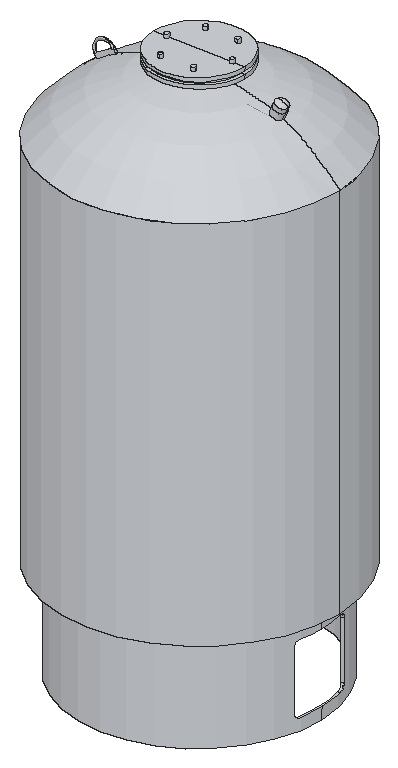
Revit family "FXA-2000", category Mechanical Equipment, Revit 2014
Parameters (values of type "FXA-2000")
  VoidLength = 7 1/2"
  URL = "http://westank.com/"
  TankVolume = "528 Gallons"
  SystemConnectionAngle = 50.00°
  PartNumber = "21012000"
  OuterRadius = 15"
  Model = "FXA-2000"
  MaximumOperatingTemperature = "240°F"
  MaximumOperatingPressure = "125 PSIG"
  Manufacturer = "Wessels Company"
  InnerRadius = 14.766"
  InnerCircleDiameter = E - 3" / 4  # 41 1/4"
  HandleAngle = 120.00°
  G = 8 3/4"
  E = 42"
  F = 9"
  DrainAngle = 63.00°
  C = 3"
  BottomOfTheCylinder = 6.11811"
  B = 96.00032"
  ApproximateShipmentWeight = "1305 lbs"
  Angle = 35.00°
  A = 48"
Reference planes (in)
  plane 1 "Center (Front/Back)": y = 0
  plane 2: z = 0
  plane 3 "Center (Left/Right)": x = 0
  plane 4: x = -24
  plane 5: y = 1.9685
  plane 6: y = -1.9685
  plane 7: z = 96.00032
  plane 8: x = 24
  plane 9: y = 0.15626
  plane 10: y = -0.15626
  plane 11: x = 18
  plane 12: x = -21
  plane 13: x = 21
  plane 14: y = 0
  plane 15: y = 8.22887
  plane 16: y = -8.22887
  plane 17: through (0.00466, -180, 75.19677) normal (-0.9999, 0, -0.0139)
  plane 18: x = 9
  plane 19: x = 7.5
  plane 20: x = 10.5
  plane 21: z = 92.36787
  plane 22: through (3.3286, -180, 8.83933) normal (-0.1726, 0, 0.985)
  plane 23: through (2.86228, -180, 11.50012) normal (-0.1726, 0, 0.985)
  plane 24: z = 8.75
  plane 25: z = 79.58887
  plane 26: z = 78.58887
Forms (in)
  Revolve 1, solid
    sketch origin (0, 0, -5.12538) x (1, 0, 0) y (0, 0, 1)
      loop
        arc (0, 97.51641) -> (-13.25826, 95.38698) -> (-24, 87.32901) r 27.99706
        line (-24, 87.32901) -> (-24, 22.49872)
        arc (-24, 22.49872) -> (-12.32539, 18.43585) -> (0, 17.49344) r 47.93669
        line (0, 17.49344) -> (0, 97.51641)
      axis (0, 97.51641) -> (0, 17.49344)
    angle from 0 to 360
  Extrusion 2, solid
    sketch origin (0, 0, 0) x (1, 0, 0) y (0, 1, 0)
      loop
        circle (0, 0) r 21
      loop
        circle (0, 0) r 20.625
    from 19.49834 to 0
  Revolve 3, solid
    sketch origin (9.73484, 0, 75.3214) x (0.390731, 0, 0.920505) y (-0.920505, 0, 0.390731)
      loop
        line (14.82991, 2.5007) -> (14.82991, 1.4123) -> (16.33631, 1.4123) -> (16.33631, 1.44527) -> (17.14445, 1.44527)
        arc (17.14445, 1.44527) -> (17.48969, 1.91665) -> (17.5066, 2.5007) r 0.9835
        line (17.5066, 2.5007) -> (14.82991, 2.5007)
      axis (14.82991, 2.5007) -> (17.5066, 2.5007)
    angle from 0 to 360
  Sweep 4, solid
    path origin (-6.47932, 0, 74.78221) x (-0.505922, 0, 0.862579) y (-0.862579, 0, -0.505922)
      loop
        arc (17.74812, 2.65283) -> (19.49812, 0.90283) -> (17.74812, -0.84717) r 1.75
    profile origin (-17.1226, 0, 91.14413) x (-0.505922, 0, 0.862579) y (0, -1, 0)
      loop
        circle (0, 0) r 0.15625
  Extrusion 5, solid
    sketch origin (-4.01295, 0, 70.57714) x (-0.505922, 0, 0.862579) y (-0.862579, 0, -0.505922)
      loop
        line (22.62312, 2.80843) -> (21.64614, 2.80843) -> (21.64614, -1.00668) -> (22.62312, -1.00668) -> (22.62312, 2.80843)
    from 0.15626 to -0.15626
  Sweep 6, solid
    path origin (-12.625, 0, 55.33927) x (-1, 0, 0) y (0, 0, -1)
      loop
        arc (12.10198, 2.25) -> (13.85198, 0.5) -> (12.10198, -1.25) r 1.75
    profile origin (-26.47698, 0, 54.83927) x (-1, 0, 0) y (0, -1, 0)
      loop
        circle (0, 0) r 0.15625
  Extrusion 7, solid
    sketch origin (-7.75, 0, 55.33927) x (-1, 0, 0) y (0, 0, -1)
      loop
        line (16.97698, 2.40561) -> (16, 2.40561) -> (16, -1.4095) -> (16.97698, -1.4095) -> (16.97698, 2.40561)
    from 0.15626 to -0.15626
  Revolve 8, solid
    sketch origin (0.22045, 0, 73.50107) x (0, 0, 1) y (-1, 0, 0)
      loop
        line (22.03391, 0.22045) -> (18.29375, 0.22045) -> (18.29375, -4.6341)
        arc (18.29375, -4.6341) -> (19.278, -4.40868) -> (20.26226, -4.6341) r 2.26145
        line (20.26226, -4.6341) -> (20.26226, -7.60972) -> (20.85281, -7.60972) -> (20.85281, -6.99344) -> (21.44336, -6.99344) -> (21.44336, -7.60972) -> (22.03391, -7.60972) -> (22.03391, 0.22045)
      axis (22.03391, 0.22045) -> (18.29375, 0.22045)
    angle from 0 to 360
  Revolve 9, solid
    sketch origin (0.93854, 0, 22.27473) x (0.172627, 0, -0.984987) y (0.984987, 0, 0.172627)
      loop
        line (13.18144, 5.76928) -> (9.44128, 5.76928) -> (9.44128, 2.63548)
        arc (9.44128, 2.63548) -> (10.42553, 2.86091) -> (11.40978, 2.63548) r 2.26145
        line (11.40978, 2.63548) -> (11.40978, 0.03486) -> (12.00033, 0.03486) -> (12.00033, 0.65115) -> (12.59089, 0.65115) -> (12.59089, 0.03486) -> (13.18144, 0.03486) -> (13.18144, 5.76928)
      axis (9.44128, 5.76928) -> (13.18144, 5.76928)
    angle from 0 to 360
  Extrusion 10, solid
    sketch origin (7.89187, -2.56268, 10.23894) x (-0.984979, 0, -0.172675) y (-0.000004, 1, 0.000023)
      loop
        circle (-3.74768, 6.40672) r 0.3937
    from 0.59055 to -2.11745
  Extrusion 11, solid
    sketch origin (9.7889, -2.64003, 10.57118) x (-0.747584, -0.651106, -0.131069) y (-0.641335, 0.758987, -0.112375)
      loop
        circle (-3.74768, 6.40672) r 0.3937
    from 0.59055 to -2.11248
  Extrusion 12, solid
    sketch origin (11.27836, -1.44481, 10.83203) x (-0.149831, -0.988362, -0.026308) y (-0.973528, 0.152123, -0.170595)
      loop
        circle (-3.74768, 6.40672) r 0.3937
    from 0.59055 to -2.10562
  Extrusion 13, solid
    sketch origin (11.64303, 0.44684, 10.89537) x (0.520149, -0.849202, 0.091112) y (-0.836457, -0.528068, -0.146572)
      loop
        circle (-3.74768, 6.40672) r 0.3937
    from 0.59055 to -2.11832
  Extrusion 14, solid
    sketch origin (10.70595, 2.1231, 10.73114) x (0.939407, -0.300705, 0.16459) y (-0.296195, -0.953717, -0.051887)
      loop
        circle (-3.74768, 6.40672) r 0.3937
    from 0.59055 to -2.10775
  Extrusion 15, solid
    sketch origin (8.91968, 2.77597, 10.41801) x (0.905852, 0.392739, 0.158709) y (0.386839, -0.91965, 0.067821)
      loop
        circle (-3.74768, 6.40672) r 0.3937
    from 0.59055 to -2.10608
  Extrusion 16, solid
    sketch origin (7.14519, 2.09076, 10.10699) x (0.435656, 0.896873, 0.076304) y (0.883404, -0.442288, 0.154848)
      loop
        circle (-3.74768, 6.40672) r 0.3937
    from 0.59055 to -2.11652
  Extrusion 17, solid
    sketch origin (6.23683, 0.39774, 9.94923) x (-0.244533, 0.968691, -0.042905) y (0.954145, 0.248268, 0.167246)
      loop
        circle (-3.74768, 6.40672) r 0.3937
    from 0.59055 to -2.10776
  Extrusion 18, solid
    sketch origin (6.63409, -1.48699, 10.0187) x (-0.806847, 0.573576, -0.141456) y (0.564961, 0.819153, 0.099038)
      loop
        circle (-3.74768, 6.40672) r 0.3937
    from 0.59055 to -2.10712
  Extrusion 19, solid
    sketch origin (7.85796, 0, -9.14698) x (0, 1, 0) y (1, 0, 0)
      loop
        circle (0, 1.14174) r 1.5
    from -20.98349 to -17.89698
  Extrusion 20, void
    sketch origin (0, -0.25, 0) x (0, 1, 0) y (0, 0, 1)
      loop
        arc (-4.15626, 14) -> (-4.63889, 13.73263) -> (-4.90626, 13.25) r 1
        line (-4.90626, 13.25) -> (-4.90626, 2.91491)
        arc (-4.90626, 2.91491) -> (-4.66396, 2.27523) -> (-4.06716, 1.94094) r 1
        line (-4.06716, 1.94094) -> (4.81753, 1.94094)
        arc (4.81753, 1.94094) -> (5.52464, 2.23384) -> (5.81753, 2.94094) r 1
        line (5.81753, 2.94094) -> (5.81753, 13)
        arc (5.81753, 13) -> (5.52464, 13.70711) -> (4.81753, 14) r 1
        line (4.81753, 14) -> (-4.15626, 14)
    from 25.46527 to 16.16015
  Extrusion 21, solid
    sketch origin (0.89774, 1.57065, 95.40976) x (-0.5, 0.866025, 0.000001) y (-0.866025, -0.5, 0.000001)
      loop
        circle (-3.74768, 6.40672) r 0.3937
    from 0.59055 to -2.3622
  Extrusion 22, solid
    sketch origin (1.80946, 0.0085, 95.40973) x (0.499999, 0.866026, -0.000007) y (-0.866026, 0.499999, 0.000001)
      loop
        circle (-3.74768, 6.40672) r 0.3937
    from 0.59055 to -2.3622
  Extrusion 23, solid
    sketch origin (0.91215, -1.56633, 95.40923) x (1, 0.000002, -0.000001) y (-0.000002, 1, 0.000038)
      loop
        circle (-3.74768, 6.40672) r 0.3937
    from 0.59055 to -2.3622
  Extrusion 24, solid
    sketch origin (-0.94949, -1.57065, 95.40878) x (0.500003, -0.866024, 0.000358) y (0.866023, 0.500003, 0.00062)
      loop
        circle (-3.74768, 6.40672) r 0.3937
    from 0.59055 to -2.3622
  Extrusion 25, solid
    sketch origin (-1.80798, -0.00595, 95.40984) x (-0.499996, -0.866028, 0.000024) y (0.866028, -0.499996, 0.000001)
      loop
        circle (-3.74768, 6.40672) r 0.3937
    from 0.59055 to -2.3622
  Extrusion 26, solid
    sketch origin (-0.90736, 1.56423, 95.4094) x (-1, -0.000006, 0.000017) y (0.000006, -1, 0.000016)
      loop
        circle (-3.74768, 6.40672) r 0.3937
    from 0.59055 to -2.3622
  Extrusion 27, solid
    sketch origin (0.89847, 1.57065, 95.40945) x (-0.500006, 0.866022, 0.000001) y (-0.866022, -0.500006, 0.000001)
      loop
        circle (-3.74768, 6.40672) r 0.3937
    from 0.59055 to -2.3622
  Extrusion 28, solid
    sketch origin (0, 0, 6.75) x (0, 1, 0) y (0, 0, 1)
      loop
        circle (0, 72.33887) r 0.5
    from -23.66872 to -25.20532
Cuts and joins
  Extrusion 20 cuts Extrusion 2
  joined: Revolve 1, Revolve 3, Extrusion 5, Revolve 8
Dimensions and locks (in)
  equal spacing: plane 5, plane 1 "Center (Front/Back)", plane 6
  "B": plane 7 to level
  equal spacing: plane 8, plane 3 "Center (Left/Right)", plane 4
  "A": plane 8 to plane 4
  plane 9 to plane 10 = 0.31252"
  equal spacing: plane 13, plane 3 "Center (Left/Right)", plane 12
  "E": plane 13 to plane 12
  locked: Revolve 3 sketch curve to Revolve 3 sketch curve at 0.03297
  equal spacing: plane 15, plane 14, plane 16
  locked: Revolve 8 sketch curve to Revolve 8 sketch curve at 0.59055  (x3)
  locked: Revolve 8 sketch curve to Revolve 8 sketch curve at 1.9685
  locked: Revolve 9 sketch curve to Revolve 9 sketch curve at 0.59055  (x3)
  locked: Revolve 9 sketch curve to Revolve 9 sketch curve at 1.9685
  locked: Extrusion 19 sketch curve to plane 1 "Center (Front/Back)" at 0
  "F": plane 18 to plane 3 "Center (Left/Right)"
  equal spacing: plane 20, plane 18, plane 19
  "C": plane 20 to plane 19
  locked: Extrusion 19 sketch curve to plane 18 at 0.0003
  plane 7 to plane 21 = 3.63245"
  plane 24 to cut or joined group of Extrusion 2, Extrusion 20 = 8 3/4"
  "G": level to plane 24
  plane 25 to plane 26 = 1"
  "C": diameter of Extrusion 19 sketch curve
  "E": diameter of Extrusion 2 sketch curve
  "InnerCircleDiameter": diameter of Extrusion 2 sketch curve
  aligned and locked: level to plane 2
  aligned and locked: plane 4 to Revolve 1 sketch curve
  aligned and locked: Revolve 3 sketch curve to Revolve 3 sketch curve
  aligned and locked: Extrusion 5 sketch curve to Sweep 4
  aligned and locked: Extrusion 5 to plane 10
  aligned and locked: plane 9 to Extrusion 5
  aligned and locked: Extrusion 7 sketch curve to Sweep 6
  aligned and locked: Revolve 8 sketch curve to Revolve 8 sketch curve
  aligned and locked: Revolve 9 sketch curve to Revolve 9 sketch curve
  aligned and locked: Revolve 8 sketch curve to plane 3 "Center (Left/Right)"
  aligned and locked: Extrusion 21 to plane 7
  aligned and locked: Extrusion 22 to plane 7
  aligned and locked: Extrusion 25 to plane 7
  aligned and locked: cut or joined group of Extrusion 2, Extrusion 20 to level
  aligned and locked: Extrusion 19 to plane 24
Automatic sketch dimensions
  Revolve 1 sketch curve to plane 3 "Center (Left/Right)" = 0"  (x2)
  Revolve 1 sketch curve to plane 3 "Center (Left/Right)" = 2.5386"
  Revolve 1 sketch curve to plane 3 "Center (Left/Right)" = 2.31893"
  plane 24 to Revolve 1 sketch curve = 3.61806"
  level to Revolve 1 sketch curve = 17.37334"
  Revolve 1 sketch curve to Revolve 1 sketch curve = 4.25268"
  Revolve 1 sketch curve to Revolve 1 sketch curve = 11.96462"
  Extrusion 2 sketch curve to Extrusion 2 sketch curve = 0"  (x2)
  plane 1 "Center (Front/Back)" to Extrusion 2 sketch curve = 0"
  Extrusion 2 sketch curve to plane 3 "Center (Left/Right)" = 0"
  Sweep 6 sketch curve to plane 4 = 0.72698"
  plane 26 to Sweep 6 sketch curve = 23.7496"
  Sweep 6 sketch curve to Sweep 6 sketch curve = 1 3/4"
  Sweep 6 sketch curve to profile plane = 0"
  profile plane to Sweep 6 sketch curve = 0"
  plane 4 to Extrusion 7 sketch curve = 1/4"
  plane 26 to Extrusion 7 sketch curve = 21.8401"
  Extrusion 7 sketch curve to Extrusion 7 sketch curve = 3.81511"
  Revolve 8 sketch curve to plane 3 "Center (Left/Right)" = 0"
  Revolve 8 sketch curve to plane 7 = 4.2055"
  Revolve 8 sketch curve to plane 19 = 0.60942"
  Revolve 8 sketch curve to Revolve 8 sketch curve = 0.98425"
  Revolve 8 sketch curve to plane 19 = 0.28611"
  plane 19 to Revolve 8 sketch curve = 0.33017"
  Revolve 8 sketch curve to Revolve 8 sketch curve = 2.03603"
  Revolve 8 sketch curve to Revolve 8 sketch curve = 0"
  plane 7 to Revolve 8 sketch curve = 0.53466"
  plane 23 to Revolve 9 sketch curve = 1.50366"
  plane 23 to Revolve 9 sketch curve = 0.51941"
  plane 24 to Revolve 9 sketch curve = 0.5472"
  Revolve 9 sketch curve to Revolve 9 sketch curve = 0.5646"
  Revolve 9 sketch curve to Revolve 9 sketch curve = 0.61629"
  Revolve 9 sketch curve to Revolve 9 sketch curve = 2.03603"
  Revolve 9 sketch curve to Revolve 9 sketch curve = 3.1338"
  Revolve 9 sketch curve to Revolve 9 sketch curve = 19.38704"
  Revolve 9 sketch curve to Revolve 9 sketch curve = 0.1272"
  Revolve 9 sketch curve to Revolve 9 sketch curve = 0"
  plane 16 to Extrusion 20 sketch curve = 3.0726"
  Extrusion 20 sketch curve to Extrusion 20 sketch curve = 3/4"
  Extrusion 20 sketch curve to Extrusion 20 sketch curve = 0.8391"
  Extrusion 20 sketch curve to Extrusion 20 sketch curve = 0.97448"  (x2)
  Extrusion 20 sketch curve to Extrusion 20 sketch curve = 0.99992"
  plane 5 to Extrusion 20 sketch curve = 2.59903"  (x2)
  Extrusion 20 sketch curve to Extrusion 20 sketch curve = 1"
  level to Extrusion 20 sketch curve = 1.94094"
  Extrusion 20 sketch curve to Extrusion 20 sketch curve = 0.97397"
  plane 24 to Extrusion 20 sketch curve = 4 1/4"
  Extrusion 28 sketch curve to plane 1 "Center (Front/Back)" = 0"
  plane 25 to Extrusion 28 sketch curve = 1/2"
  Revolve 1 sketch curve to plane 25 = 2.61476"
  Revolve 1 sketch curve to plane 25 = 4.4938"
  plane 12 to Sweep 4 sketch curve = 4.76276"
  Sweep 4 sketch curve to plane 7 = 6.3657"
  Sweep 4 sketch curve to Sweep 4 sketch curve = 1 3/4"
  Sweep 4 sketch curve to profile plane = 0"
  profile plane to Sweep 4 sketch curve = 0"
  Extrusion 5 sketch curve to Extrusion 5 sketch curve = 0.97698"
  Extrusion 5 sketch curve to plane 7 = 5.39964"
  Extrusion 5 sketch curve to Extrusion 5 sketch curve = 3.81511"
  plane 20 to Revolve 3 sketch curve = 2.72744"
  Revolve 3 sketch curve to plane 7 = 6.05081"
  Revolve 3 sketch curve to Revolve 3 sketch curve = 1.5064"
  Revolve 3 sketch curve to Revolve 3 sketch curve = 0"
  Revolve 3 sketch curve to Revolve 3 sketch curve = 0.22312"
  Revolve 3 sketch curve to Revolve 3 sketch curve = 0.80814"
  Revolve 3 sketch curve to Revolve 3 sketch curve = 0.94717"
  Revolve 3 sketch curve to Revolve 3 sketch curve = 0.26484"
  Revolve 3 sketch curve to Revolve 3 sketch curve = 5.44847"
  Revolve 3 sketch curve to Revolve 3 sketch curve = 0.07201"
  radius of Extrusion 21 sketch curve = 0.3937"
  radius of Extrusion 22 sketch curve = 0.3937"
  radius of Extrusion 23 sketch curve = 0.3937"
  radius of Extrusion 24 sketch curve = 0.3937"
  radius of Extrusion 25 sketch curve = 0.3937"
  radius of Extrusion 26 sketch curve = 0.3937"
  radius of Extrusion 27 sketch curve = 0.3937"
  radius of Sweep 6 sketch curve = 5/32"
  radius of Extrusion 10 sketch curve = 0.3937"
  radius of Extrusion 11 sketch curve = 0.3937"
  radius of Extrusion 12 sketch curve = 0.3937"
  radius of Extrusion 13 sketch curve = 0.3937"
  radius of Extrusion 14 sketch curve = 0.3937"
  radius of Extrusion 15 sketch curve = 0.3937"
  radius of Extrusion 16 sketch curve = 0.3937"
  radius of Extrusion 17 sketch curve = 0.3937"
  radius of Extrusion 18 sketch curve = 0.3937"
  radius of Extrusion 28 sketch curve = 1/2"
  radius of Sweep 4 sketch curve = 5/32"
Connectors (in)
  piping at (8.9997, 0, 8.75), diameter 3, driven by "C"
    settings: on Extrusion 19, index 1, connector inside diameter 24", connector length 0", flow factor 0, pipe flow 0 GPM, pressure drop 0.00 psi, fitting loss kfactor 0, connector angle 0.00°, fixture units 0, engagement length 0", angle of deflection 0.00°, flow configuration 0, flow direction 0, fitting loss method 0, system type 7, joint type 0, gender type 0, connector reference index -1, connector utility 0, adjustable connector no, is connector primary yes, connector description ""
